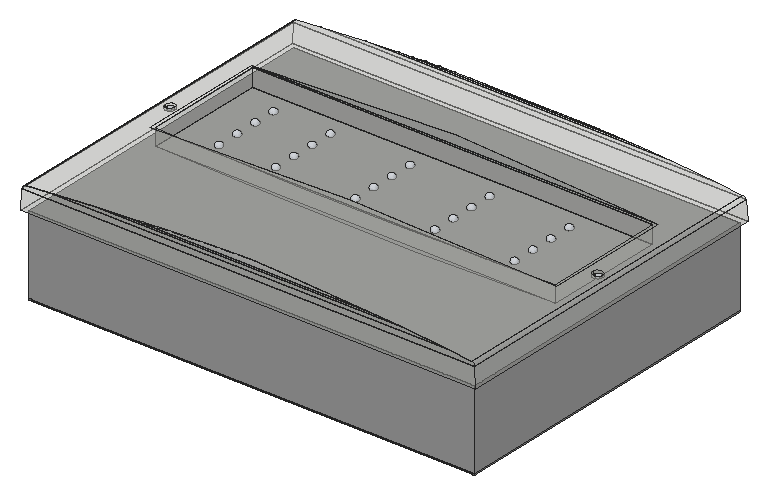
Revit family "Maxlogic Intelligent Addressable GCU (GateWay Control Unit)", category Fire Alarm Devices, host Face, Revit 2022
Family settings
  Host = Face
  Round Connector Dimension = Use Diameter
  Part Type = Normal
  OmniClass Number = 23.85.30.21
  OmniClass Title = Environmental Detection/Registration
  Cut with Voids When Loaded = No
  Maintain Annotation Orientation = Yes
  Shared = No
  Room Calculation Point = No
Parameters (values of type "Maxlogic Intelligent Addressable NTP Server Communication Module")
  Weight = "6,200 kg"
  Weatherproof surface mounting back box = ""
  Warranty Duration Unit = "Year"
  Warranty Duration Parts = "2"
  Warranty Duration Labor = "2"
  Version = ""
  URL = "https://www.mavili.com.tr/en"
  Recessed mounting base = ""
  Public Works Pose Number = ""
  Protection Sign = ""
  Product Code = "ML-1207.NTP"
  Phone Number = "(+)90 216 466 45 05"
  Operatonal Voltage (default) = ""
  Operating voltage range = ""
  Operating temperature = "(-5°C) - (+50°C)"
  Nominal Depth = "100 mm"
  Nominal Width = "400 mm"
  Nominal Height = "300 mm"
  Mounting surface = "Wall mount"
  Mounting height = ""
  Model = "Maxlogic"
  Manufacturer = "Mavili Elektronik Ticaret A.Ş."
  Installation Manual = "https://mavilielektronik.com/Revit/ML1207NTP_kk.pdf"
  Indicator output = ""
  Fax Number = "(+)90 216 466 45 10"
  External supply = "220 V AC"
  Email = "mavili@mavili.com.tr"
  Disclaimer = ""
  Device Adress Setup = ""
  Description = "Intelligent Addressable NTP Server Communication Module"
  Default Elevation = 0 mm
  Current consumption = ""
  Cost unıt = ""
  Cost = 0
  Compatible sockets = ""
  Color = "White"
  Code Performance = ""
  Main Material = "Metal Grey"
  Secondary Material = "White Plastic ABS"
  Battery = "2 X (12V DC 7 Ah )"
  Assembly Code = ""
  Address line 1 = "Şerifali Mahallesi Kutup Sokak No:27/1-2-4 Ümraniye TR-34775 İSTANBUL"
Types (8, lengths in mm): name | Product Code | Installation Manual | Description | Code Performance
  (no name) | "ML-1207.NTP" | "https://mavilielektronik.com/Revit/ML1207NTP_kk.pdf" | "Intelligent Addressable NTP Server Communication Module" | ""
  Maxlogic Intelligent Addressable GCU module with 3A power supply, B type box, TCP/IP module included | "ML-1207.C" | "https://mavilielektronik.com/Revit/GCU_enkk.pdf" | "Intelligent Addressable GCU module with 3A power supply, B type box, TCP/IP module included" | "EN 54-4 / EN 54-18"
  Maxlogic Intelligent Addressable GCU module with 3A power supply, B type box, GPRS module included | "ML-1207.G" | "https://mavilielektronik.com/Revit/GCU_enkk.pdf" | "Intelligent Addressable GCU module with 3A power supply, B type box, GPRS module included" | "EN 54-4 / EN 54-18"
  Maxlogic Intelligent Addressable GCU module with 3A power supply, B type box, RS-232/RS-485 module included | "ML-1207.K" | "https://mavilielektronik.com/Revit/GCU_enkk.pdf" | "Intelligent Addressable GCU module with 3A power supply, B type box, RS-232/RS-485 module included" | "EN 54-4 / EN 54-18"
  Maxlogic Intelligent Addressable Modbus gcu module with 3A power supply, B type box | "ML-1207.MX" | "https://mavilielektronik.com/Revit/ML1207MX_ML1207B_enkk.pdf" | "Intelligent Addressable Modbus gcu module with 3A power supply, B type box" | "EN 54-4 / EN 54-18"
  Maxlogic Intelligent Addressable GCU module with 3A power supply,TCP/IP, GPRS, RS-232/RS-485 module included | "ML-1207.CGK" | "https://mavilielektronik.com/Revit/GCU_enkk.pdf" | "Intelligent Addressable GCU module with 3A power supply,TCP/IP, GPRS, RS-232/RS-485 module included" | "EN 54-4 / EN 54-18"
  Maxlogic Intelligent Addressable GCU bacnet panel with 3A power supply, B type box | "ML-1207.B" | "https://mavilielektronik.com/Revit/ML1207MX_ML1207B_enkk.pdf" | "Intelligent Addressable GCU bacnet panel with 3A power supply, B type box" | "EN 54-4 / EN 54-18"
  Maxlogic Intelligent Addressable NTP Server Communication Module | "ML-1207.NTP" | "https://mavilielektronik.com/Revit/ML1207NTP_kk.pdf" | "Intelligent Addressable NTP Server Communication Module" | ""
Reference planes
  plane 1 "Center (Front/Back)": y = 0
  plane 2: z = 0
  plane 3 "Center (Left/Right)": x = 0
Forms (mm)
  Extrusion 1, solid, material "mavili arka kasa"
    sketch origin (-210, -150, 148.173) x (1, 0, 0) y (0, 0, -1)
      loop
        line (42.905, 77.3) -> (434.905, 77.3) -> (434.905, 146.904)
        arc (434.905, 146.904) -> (434.545, 147.715) -> (433.785, 148.173) r 1.476
        line (433.785, 148.173) -> (44.505, 148.173)
        arc (44.505, 148.173) -> (43.374, 147.704) -> (42.905, 146.573) r 1.6
        line (42.905, 146.573) -> (42.905, 77.3)
    from 0 to 300
  Extrusion 2, solid, material "Mavili beyaz"
    sketch origin (-210, -150, 148.173) x (1, 0, 0) y (0, 0, -1)
      loop
        line (38.905, 77.3) -> (39.824, 59.769)
        arc (39.824, 59.769) -> (40.651, 57.854) -> (42.526, 56.941) r 3
        arc (42.526, 56.941) -> (238.905, 47.3) -> (435.284, 56.941) r 2005
        arc (435.284, 56.941) -> (437.16, 57.854) -> (437.987, 59.769) r 3
        line (437.987, 59.769) -> (438.905, 77.3) -> (38.905, 77.3)
    from 0 to 300
  Extrusion 3, void
    sketch origin (-167.095, -150, 70.872) x (0, 0, 1) y (0, -1, 0)
      loop
        arc (-69.27, -296) -> (-70.403, -295.532) -> (-70.872, -294.4) r 1.6
        line (-70.872, -294.4) -> (-70.872, -300) -> (0, -300) -> (0, -296) -> (-69.27, -296)
    from 0 to 392
  Extrusion 4, void
    sketch origin (-167.095, 150, 70.872) x (0, 0, 1) y (0, -1, 0)
      loop
        line (-69.27, 296) -> (0, 296) -> (0, 300) -> (-70.872, 300) -> (-70.872, 294.4)
        arc (-70.872, 294.4) -> (-70.403, 295.532) -> (-69.27, 296) r 1.6
    from 0 to 392
  Extrusion 5, void
    sketch origin (-210, -150, 148.173) x (0, 0, -1) y (0, 1, 0)
      loop
        line (55.289, 116.326) -> (55.289, 228.158) -> (47.3, 228.297) -> (47.3, 111.721) -> (55.289, 116.326)
    from 0 to 497.127
  Extrusion 6, void
    sketch origin (-210, -150, 148.173) x (0, 0, -1) y (0, 1, 0)
      loop
        arc (47.3, 295.581) -> (48.124, 297.646) -> (50.143, 298.577) r 3
        line (50.143, 298.577) -> (51.913, 298.669) -> (55.057, 298.834) -> (59.769, 299.081) -> (77.3, 300) -> (50, 300) -> (47.3, 300) -> (47.3, 295.581)
    from 0 to 493.151
  Extrusion 7, void
    sketch origin (-210, 150, 148.173) x (0, 0, -1) y (0, 1, 0)
      loop
        line (47.3, -295.581) -> (47.3, -300) -> (50, -300) -> (77.3, -300) -> (59.769, -299.081) -> (55.057, -298.834) -> (51.913, -298.669) -> (50.143, -298.577)
        arc (50.143, -298.577) -> (48.124, -297.646) -> (47.3, -295.581) r 3
    from 0 to 493.151
  Extrusion 8, void
    sketch origin (-167.095, 146, 25.472) x (0, 0, -1) y (1, 0, 0)
      loop
        line (-13.523, 66.9) -> (-13.523, 68.054)
        arc (-13.523, 68.054) -> (-15, 68.144) -> (-16.477, 68.054) r 12.144
        line (-16.477, 68.054) -> (-16.477, 66.9)
        arc (-16.477, 66.9) -> (-26, 56.025) -> (-16.527, 45.106) r 11
        line (-16.527, 45.106) -> (-16.527, 43.952)
        arc (-16.527, 43.952) -> (-15, 43.856) -> (-13.473, 43.952) r 12.144
        line (-13.473, 43.952) -> (-13.473, 45.106)
        arc (-13.473, 45.106) -> (-4, 56.025) -> (-13.523, 66.9) r 11
    from 0 to 1
  Extrusion 9, void
    sketch origin (-127.095, 146, 25.472) x (0, 0, -1) y (1, 0, 0)
      loop
        line (-13.523, 66.9) -> (-13.523, 68.054)
        arc (-13.523, 68.054) -> (-15, 68.144) -> (-16.477, 68.054) r 12.144
        line (-16.477, 68.054) -> (-16.477, 66.9)
        arc (-16.477, 66.9) -> (-26, 56.025) -> (-16.527, 45.106) r 11
        line (-16.527, 45.106) -> (-16.527, 43.952)
        arc (-16.527, 43.952) -> (-15, 43.856) -> (-13.473, 43.952) r 12.144
        line (-13.473, 43.952) -> (-13.473, 45.106)
        arc (-13.473, 45.106) -> (-4, 56.025) -> (-13.523, 66.9) r 11
    from 0 to 1
  Extrusion 10, void
    sketch origin (-87.095, 146, 25.472) x (0, 0, -1) y (1, 0, 0)
      loop
        line (-13.523, 66.9) -> (-13.523, 68.054)
        arc (-13.523, 68.054) -> (-15, 68.144) -> (-16.477, 68.054) r 12.144
        line (-16.477, 68.054) -> (-16.477, 66.9)
        arc (-16.477, 66.9) -> (-26, 56.025) -> (-16.527, 45.106) r 11
        line (-16.527, 45.106) -> (-16.527, 43.952)
        arc (-16.527, 43.952) -> (-15, 43.856) -> (-13.473, 43.952) r 12.144
        line (-13.473, 43.952) -> (-13.473, 45.106)
        arc (-13.473, 45.106) -> (-4, 56.025) -> (-13.523, 66.9) r 11
    from 0 to 1
  Extrusion 11, void
    sketch origin (-47.095, 146, 25.472) x (0, 0, -1) y (1, 0, 0)
      loop
        line (-13.523, 66.9) -> (-13.523, 68.054)
        arc (-13.523, 68.054) -> (-15, 68.144) -> (-16.477, 68.054) r 12.144
        line (-16.477, 68.054) -> (-16.477, 66.9)
        arc (-16.477, 66.9) -> (-26, 56.025) -> (-16.527, 45.106) r 11
        line (-16.527, 45.106) -> (-16.527, 43.952)
        arc (-16.527, 43.952) -> (-15, 43.856) -> (-13.473, 43.952) r 12.144
        line (-13.473, 43.952) -> (-13.473, 45.106)
        arc (-13.473, 45.106) -> (-4, 56.025) -> (-13.523, 66.9) r 11
    from 0 to 1
  Extrusion 12, void
    sketch origin (-7.095, 146, 25.472) x (0, 0, -1) y (1, 0, 0)
      loop
        line (-13.523, 66.9) -> (-13.523, 68.054)
        arc (-13.523, 68.054) -> (-15, 68.144) -> (-16.477, 68.054) r 12.144
        line (-16.477, 68.054) -> (-16.477, 66.9)
        arc (-16.477, 66.9) -> (-26, 56.025) -> (-16.527, 45.106) r 11
        line (-16.527, 45.106) -> (-16.527, 43.952)
        arc (-16.527, 43.952) -> (-15, 43.856) -> (-13.473, 43.952) r 12.144
        line (-13.473, 43.952) -> (-13.473, 45.106)
        arc (-13.473, 45.106) -> (-4, 56.025) -> (-13.523, 66.9) r 11
    from 0 to 1
  Extrusion 13, void
    sketch origin (32.905, 146, 25.472) x (0, 0, -1) y (1, 0, 0)
      loop
        line (-13.523, 66.9) -> (-13.523, 68.054)
        arc (-13.523, 68.054) -> (-15, 68.144) -> (-16.477, 68.054) r 12.144
        line (-16.477, 68.054) -> (-16.477, 66.9)
        arc (-16.477, 66.9) -> (-26, 56.025) -> (-16.527, 45.106) r 11
        line (-16.527, 45.106) -> (-16.527, 43.952)
        arc (-16.527, 43.952) -> (-15, 43.856) -> (-13.473, 43.952) r 12.144
        line (-13.473, 43.952) -> (-13.473, 45.106)
        arc (-13.473, 45.106) -> (-4, 56.025) -> (-13.523, 66.9) r 11
    from 0 to 1
  Extrusion 14, void
    sketch origin (72.905, 146, 25.472) x (0, 0, -1) y (1, 0, 0)
      loop
        line (-13.523, 66.9) -> (-13.523, 68.054)
        arc (-13.523, 68.054) -> (-15, 68.144) -> (-16.477, 68.054) r 12.144
        line (-16.477, 68.054) -> (-16.477, 66.9)
        arc (-16.477, 66.9) -> (-26, 56.025) -> (-16.527, 45.106) r 11
        line (-16.527, 45.106) -> (-16.527, 43.952)
        arc (-16.527, 43.952) -> (-15, 43.856) -> (-13.473, 43.952) r 12.144
        line (-13.473, 43.952) -> (-13.473, 45.106)
        arc (-13.473, 45.106) -> (-4, 56.025) -> (-13.523, 66.9) r 11
    from 0 to 1
  Extrusion 15, void
    sketch origin (112.905, 146, 25.472) x (0, 0, -1) y (1, 0, 0)
      loop
        line (-13.523, 66.9) -> (-13.523, 68.054)
        arc (-13.523, 68.054) -> (-15, 68.144) -> (-16.477, 68.054) r 12.144
        line (-16.477, 68.054) -> (-16.477, 66.9)
        arc (-16.477, 66.9) -> (-26, 56.025) -> (-16.527, 45.106) r 11
        line (-16.527, 45.106) -> (-16.527, 43.952)
        arc (-16.527, 43.952) -> (-15, 43.856) -> (-13.473, 43.952) r 12.144
        line (-13.473, 43.952) -> (-13.473, 45.106)
        arc (-13.473, 45.106) -> (-4, 56.025) -> (-13.523, 66.9) r 11
    from 0 to 1
  Extrusion 16, void
    sketch origin (-210, -33.417, 92.884) x (-1, 0, 0) y (0, 1, 0)
      loop
        line (-62.836, 2.214) -> (-62.836, 108.579)
        spline (-62.836, 108.579) -> (-92.123, 108.62) -> (-121.442, 108.654) -> (-150.785, 108.681) -> (-180.148, 108.699) -> (-209.524, 108.711) -> (-238.905, 108.714) -> (-268.287, 108.711) -> (-297.662, 108.699) -> (-327.025, 108.681) -> (-356.369, 108.654) -> (-385.687, 108.62) -> (-414.974, 108.579)
        line (-414.974, 108.579) -> (-414.974, 2.214)
        spline (-414.974, 2.214) -> (-385.687, 0.847) -> (-356.369, -0.273) -> (-327.025, -1.144) -> (-297.662, -1.766) -> (-268.287, -2.14) -> (-238.905, -2.264) -> (-209.524, -2.14) -> (-180.148, -1.766) -> (-150.785, -1.144) -> (-121.442, -0.273) -> (-92.123, 0.847) -> (-62.836, 2.214)
    from 0 to 15
  Extrusion 17, void
    sketch origin (-210, -33.417, 92.884) x (-1, 0, 0) y (0, 1, 0)
      loop
        circle (-50.905, 33.417) r 4.25
    from 0 to 3
  Extrusion 18, solid
    sketch origin (-210, -33.442, 89.884) x (0, 1, 0) y (-1, 0, 0)
      loop
        line (35.753, -50.862) -> (34.597, -48.861) -> (32.286, -48.861) -> (31.13, -50.862) -> (32.286, -52.864) -> (34.597, -52.864) -> (35.753, -50.862)
    from 0 to 1
  Extrusion 19, void
    sketch origin (267.811, -33.417, 92.884) x (-1, 0, 0) y (0, 1, 0)
      loop
        circle (50.905, 33.417) r 4.25
    from 0 to 3
  Extrusion 20, solid
    sketch origin (267.811, -33.442, 89.884) x (0, 1, 0) y (-1, 0, 0)
      loop
        line (35.753, 50.862) -> (34.597, 52.864) -> (32.286, 52.864) -> (31.13, 50.862) -> (32.286, 48.861) -> (34.597, 48.861) -> (35.753, 50.862)
    from 0 to 1
  Revolve 21, solid
    sketch origin (-210, -33.417, 77.884) x (-1, 0, 0) y (0, -1, 0)
      loop
        line (-95.905, -93.417) -> (-95.905, -87.417)
        arc (-95.905, -87.417) -> (-98.905, -90.417) -> (-95.905, -93.417) r 3
      axis (-95.905, -93.417) -> (-95.905, -87.417)
    angle from 0 to -180
  Revolve 22, solid
    sketch origin (-160, -33.417, 77.884) x (-1, 0, 0) y (0, -1, 0)
      loop
        line (-95.905, -93.417) -> (-95.905, -87.417)
        arc (-95.905, -87.417) -> (-98.905, -90.417) -> (-95.905, -93.417) r 3
      axis (-95.905, -93.417) -> (-95.905, -87.417)
    angle from 0 to -180
  Revolve 23, solid
    sketch origin (-90, -33.417, 77.884) x (-1, 0, 0) y (0, -1, 0)
      loop
        line (-95.905, -93.417) -> (-95.905, -87.417)
        arc (-95.905, -87.417) -> (-98.905, -90.417) -> (-95.905, -93.417) r 3
      axis (-95.905, -93.417) -> (-95.905, -87.417)
    angle from 0 to -180
  Revolve 24, solid
    sketch origin (-20, -33.417, 77.884) x (-1, 0, 0) y (0, -1, 0)
      loop
        line (-95.905, -93.417) -> (-95.905, -87.417)
        arc (-95.905, -87.417) -> (-98.905, -90.417) -> (-95.905, -93.417) r 3
      axis (-95.905, -93.417) -> (-95.905, -87.417)
    angle from 0 to -180
  Revolve 25, solid
    sketch origin (50, -33.417, 77.884) x (-1, 0, 0) y (0, -1, 0)
      loop
        line (-95.905, -93.417) -> (-95.905, -87.417)
        arc (-95.905, -87.417) -> (-98.905, -90.417) -> (-95.905, -93.417) r 3
      axis (-95.905, -93.417) -> (-95.905, -87.417)
    angle from 0 to -180
  Revolve 26, solid
    sketch origin (-210, -53.417, 77.884) x (-1, 0, 0) y (0, -1, 0)
      loop
        line (-95.905, -93.417) -> (-95.905, -87.417)
        arc (-95.905, -87.417) -> (-98.905, -90.417) -> (-95.905, -93.417) r 3
      axis (-95.905, -93.417) -> (-95.905, -87.417)
    angle from 0 to -180
  Revolve 27, solid
    sketch origin (-160, -53.417, 77.884) x (-1, 0, 0) y (0, -1, 0)
      loop
        line (-95.905, -93.417) -> (-95.905, -87.417)
        arc (-95.905, -87.417) -> (-98.905, -90.417) -> (-95.905, -93.417) r 3
      axis (-95.905, -93.417) -> (-95.905, -87.417)
    angle from 0 to -180
  Revolve 28, solid
    sketch origin (-90, -53.417, 77.884) x (-1, 0, 0) y (0, -1, 0)
      loop
        line (-95.905, -93.417) -> (-95.905, -87.417)
        arc (-95.905, -87.417) -> (-98.905, -90.417) -> (-95.905, -93.417) r 3
      axis (-95.905, -93.417) -> (-95.905, -87.417)
    angle from 0 to -180
  Revolve 29, solid
    sketch origin (-20, -53.417, 77.884) x (-1, 0, 0) y (0, -1, 0)
      loop
        line (-95.905, -93.417) -> (-95.905, -87.417)
        arc (-95.905, -87.417) -> (-98.905, -90.417) -> (-95.905, -93.417) r 3
      axis (-95.905, -93.417) -> (-95.905, -87.417)
    angle from 0 to -180
  Revolve 30, solid
    sketch origin (50, -53.417, 77.884) x (-1, 0, 0) y (0, -1, 0)
      loop
        line (-95.905, -93.417) -> (-95.905, -87.417)
        arc (-95.905, -87.417) -> (-98.905, -90.417) -> (-95.905, -93.417) r 3
      axis (-95.905, -93.417) -> (-95.905, -87.417)
    angle from 0 to -180
  Revolve 31, solid
    sketch origin (-210, -73.417, 77.884) x (-1, 0, 0) y (0, -1, 0)
      loop
        line (-95.905, -93.417) -> (-95.905, -87.417)
        arc (-95.905, -87.417) -> (-98.905, -90.417) -> (-95.905, -93.417) r 3
      axis (-95.905, -93.417) -> (-95.905, -87.417)
    angle from 0 to -180
  Revolve 32, solid
    sketch origin (-160, -73.417, 77.884) x (-1, 0, 0) y (0, -1, 0)
      loop
        line (-95.905, -93.417) -> (-95.905, -87.417)
        arc (-95.905, -87.417) -> (-98.905, -90.417) -> (-95.905, -93.417) r 3
      axis (-95.905, -93.417) -> (-95.905, -87.417)
    angle from 0 to -180
  Revolve 33, solid
    sketch origin (-90, -73.417, 77.884) x (-1, 0, 0) y (0, -1, 0)
      loop
        line (-95.905, -93.417) -> (-95.905, -87.417)
        arc (-95.905, -87.417) -> (-98.905, -90.417) -> (-95.905, -93.417) r 3
      axis (-95.905, -93.417) -> (-95.905, -87.417)
    angle from 0 to -180
  Revolve 34, solid
    sketch origin (-20, -73.417, 77.884) x (-1, 0, 0) y (0, -1, 0)
      loop
        line (-95.905, -93.417) -> (-95.905, -87.417)
        arc (-95.905, -87.417) -> (-98.905, -90.417) -> (-95.905, -93.417) r 3
      axis (-95.905, -93.417) -> (-95.905, -87.417)
    angle from 0 to -180
  Revolve 35, solid
    sketch origin (50, -73.417, 77.884) x (-1, 0, 0) y (0, -1, 0)
      loop
        line (-95.905, -93.417) -> (-95.905, -87.417)
        arc (-95.905, -87.417) -> (-98.905, -90.417) -> (-95.905, -93.417) r 3
      axis (-95.905, -93.417) -> (-95.905, -87.417)
    angle from 0 to -180
  Revolve 36, solid
    sketch origin (-210, -93.417, 77.884) x (-1, 0, 0) y (0, -1, 0)
      loop
        line (-95.905, -93.417) -> (-95.905, -87.417)
        arc (-95.905, -87.417) -> (-98.905, -90.417) -> (-95.905, -93.417) r 3
      axis (-95.905, -93.417) -> (-95.905, -87.417)
    angle from 0 to -180
  Revolve 37, solid
    sketch origin (-160, -93.417, 77.884) x (-1, 0, 0) y (0, -1, 0)
      loop
        line (-95.905, -93.417) -> (-95.905, -87.417)
        arc (-95.905, -87.417) -> (-98.905, -90.417) -> (-95.905, -93.417) r 3
      axis (-95.905, -93.417) -> (-95.905, -87.417)
    angle from 0 to -180
  Revolve 38, solid
    sketch origin (-90, -93.417, 77.884) x (-1, 0, 0) y (0, -1, 0)
      loop
        line (-95.905, -93.417) -> (-95.905, -87.417)
        arc (-95.905, -87.417) -> (-98.905, -90.417) -> (-95.905, -93.417) r 3
      axis (-95.905, -93.417) -> (-95.905, -87.417)
    angle from 0 to -180
  Revolve 39, solid
    sketch origin (-20, -93.417, 77.884) x (-1, 0, 0) y (0, -1, 0)
      loop
        line (-95.905, -93.417) -> (-95.905, -87.417)
        arc (-95.905, -87.417) -> (-98.905, -90.417) -> (-95.905, -93.417) r 3
      axis (-95.905, -93.417) -> (-95.905, -87.417)
    angle from 0 to -180
  Revolve 40, solid
    sketch origin (50, -93.417, 77.884) x (-1, 0, 0) y (0, -1, 0)
      loop
        line (-95.905, -93.417) -> (-95.905, -87.417)
        arc (-95.905, -87.417) -> (-98.905, -90.417) -> (-95.905, -93.417) r 3
      axis (-95.905, -93.417) -> (-95.905, -87.417)
    angle from 0 to -180
Cuts and joins
  Extrusion 3, Extrusion 4, Extrusion 8, Extrusion 9, Extrusion 10, Extrusion 11, Extrusion 12, Extrusion 13, Extrusion 14, Extrusion 15 cuts Extrusion 1
  Extrusion 3, Extrusion 4, Extrusion 5, Extrusion 6, Extrusion 7, Extrusion 16, Extrusion 17, Extrusion 19 cuts Extrusion 2
  Extrusion 19 cuts Extrusion 18
Dimensions and locks
  aligned and locked: plane 2 to host face
  aligned and locked: level to host face
Connectors
  electrical at (29.145, 0, 0)
    settings: on cut or joined group of Extrusion 1, Extrusion 3, Extrusion 4, Extrusion 8, Extrusion 9, Extrusion 10, Extrusion 11, Extrusion 12, Extrusion 13, Extrusion 14, Extrusion 15, index 1, voltage 0 V, apparent load 0 VA, apparent load phase1 0 VA, apparent load phase2 0 VA, apparent load phase3 0 VA, power factor 1, load classification "Other", number of poles 1, system type 31, power factor state 1, is connector primary yes, connector utility no, sub classification motor no, connector description ""
